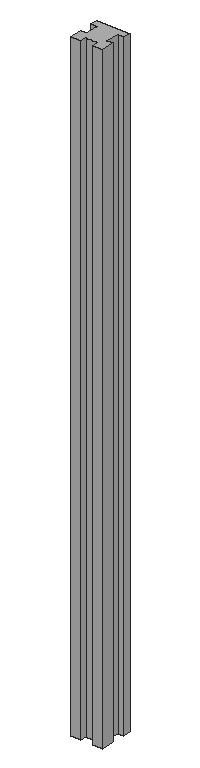
Revit family "P109 H-Corner Post", category Generic Models, Revit 2020
Family settings
  Can host rebar = No
  Round Connector Dimension = Use Diameter
  Part Type = Normal
  Work Plane-Based = No
  Always vertical = Yes
  Cut with Voids When Loaded = No
  Shared = No
  Room Calculation Point = No
Parameters
  Weight = "32Kg/m"
  Warranty Guarantor Parts = "n/a"
  Warranty Guarantor Labour = "n/a"
  Warranty Duration Unit = "n/a"
  Warranty Duration Parts = "n/a"
  Warranty Duration Labour = "n/a"
  Warranty Description = "n/a"
  Unit Width [instance] = 130 mm
  Unit Length [instance] = 130 mm
  Unit Height [instance] = 2440 mm
  URL = "www.killeshal.com"
  Types = "Single"
  Type Comments = "Visit our website for a full list of available products."
  Sustainability Performance = "n/a"
  Structural Class = "n/a"
  Span = "n/a"
  Slope = "n/a"
  Size = "130mm wide x 130mm long x Varied Lengths."
  Shape = "As per drawing."
  Service Life = "0.000000"
  Serial Number = "n/a"
  Resistance to Fire = "n/a"
  Replacement Cost = "n/a"
  Reference = "n/a"
  Notified Body = "n/a"
  Nominal Cover to Main Bar = "n/a"
  Model = "P/109 H-Corner Post"
  Mechanical Resistance = "n/a"
  Manufacturer = "Killeshal Precast Concrete Ltd."
  Load Bearing = no
  Life Cycle Environmental Load = "n/a"
  Length Options = "1830mm to 3660mm"
  Keynote = "The information contained is the sole property of KPC Ltd., any reproduction in part or whole without permission of KPC Ltd. is prohibited."
  Environmental Product Declaration = "n/a"
  Environmental Class = "n/a"
  Durability against Corrosion = "Design specification and critical dimensions as per product drawings."
  Dimension Accuracy Class = "n/a"
  Detailing = "As per design specifiaction and production drawings."
  Description = "H-Fencing Corner Post"
  Default Elevation = 0 mm
  Dangerous Substances = "No Exposure."
  Contact Tel = "0035357 9353018"
  Contact Email = "sales@killeshal.com"
  Construction Type = "Precast"
  Construction Tolerance Class = "n/a"
  Compressive Strength of Concrete = "n/a"
  Characteristics of Reinforcing Steel = "n/a"
  Characteristics Deflection Under Load = "n/a"
Reference planes
  plane 1 "Center (Front/Back)": y = 0
  plane 2: z = 0
  plane 3 "Center (Left/Right)": x = 0
  plane 4: x = 65
  plane 5: x = -65
  plane 6: y = -65
  plane 7: y = 65
  plane 8: x = -62.5
  plane 9: x = 62.5
  plane 10: x = -24.5
  plane 11: x = 24.5
  plane 12: y = 35
  plane 13: y = -15
  plane 14: x = -40
  plane 15: x = 40
  plane 16: x = -25
  plane 17: x = 25
Forms (mm)
  Extrusion 1, solid, material "Precast Concrete (KPC)"
    sketch origin (0, 0, 0) x (1, 0, 0) y (0, 1, 0)
      loop
        line (-65, 65) -> (-64.423, 35) -> (-40, 35) -> (-40, -15) -> (-63.462, -15) -> (-62.5, -65) -> (-24.5, -65) -> (-24.5, -40) -> (24.5, -40) -> (24.5, -65) -> (62.5, -65) -> (63.462, -15) -> (40, -15) -> (40, 35) -> (64.423, 35) -> (65, 65) -> (-65, 65)
    from 0 to 2440
Dimensions and locks
  plane 5 to plane 14 = 25 mm
  plane 15 to plane 4 = 25 mm
  "Unit Width": plane 5 to plane 4
  plane 16 to plane 17 = 50 mm
  plane 8 to plane 10 = 38 mm
  Extrusion 1 to plane 9 = 38 mm
  plane 8 to plane 9 = 125 mm
  plane 7 to plane 12 = 30 mm
  Extrusion 1 to Extrusion 1 = 50 mm  (x2)
  "Unit Length": Extrusion 1 to Extrusion 1
  "Unit Height": Extrusion 1 to Extrusion 1
  aligned and locked: level to plane 2
Automatic sketch dimensions
  Extrusion 1 sketch curve to plane 5 = 0 mm
  Extrusion 1 sketch curve to plane 12 = 0 mm  (x2)
  Extrusion 1 sketch curve to plane 13 = 0 mm  (x2)
  Extrusion 1 sketch curve to plane 6 = 0 mm  (x2)
  Extrusion 1 sketch curve to plane 8 = 0 mm
  Extrusion 1 sketch curve to plane 14 = 0 mm
  Extrusion 1 sketch curve to plane 10 = 0 mm
  Extrusion 1 sketch curve to plane 11 = 0 mm
  Extrusion 1 sketch curve to plane 15 = 0 mm
  Extrusion 1 sketch curve to plane 9 = 0 mm
  Extrusion 1 sketch curve to plane 4 = 0 mm
  Extrusion 1 sketch curve to plane 7 = 0 mm
  Extrusion 1 sketch curve to plane 5 = 0.577 mm
  plane 8 to Extrusion 1 sketch curve = 0.962 mm
  Extrusion 1 sketch curve to plane 9 = 0.962 mm
  plane 4 to Extrusion 1 sketch curve = 0.577 mm
  plane 6 to Extrusion 1 sketch curve = 25 mm
